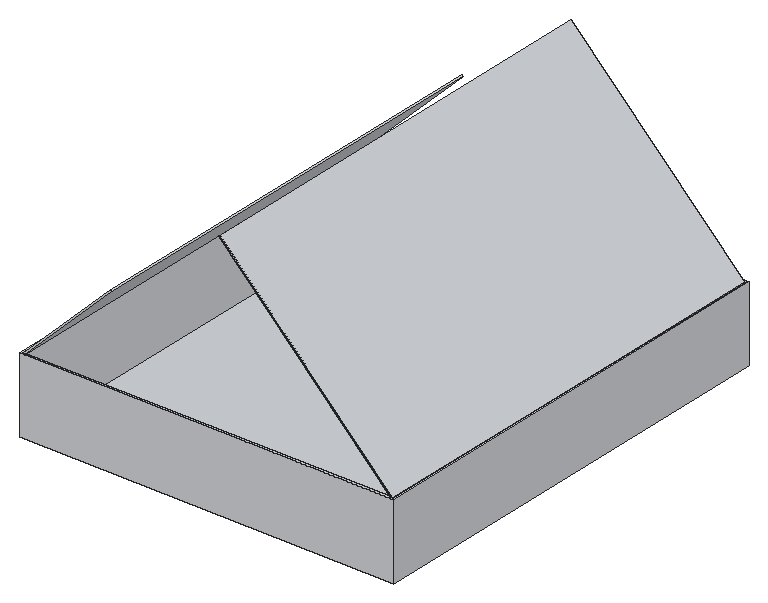
Revit family "Univers-IP44-leer-Aufputz-AT-de", category Electrical Equipment, host Face, Revit 2020
Family settings
  Host = Face
  Panel Configuration = Two Columns, Circuits Across
  Round Connector Dimension = Use Diameter
  Part Type = Panelboard
  Cut with Voids When Loaded = No
  Shared = No
  Room Calculation Point = No
Parameters (values of type "Aufputz IP44 B800 H950 T161 0 Teilungseinheiten - FWB63D")
  Width Control [instance] = if([HG000006 - Unterputz], if([EF000846 - Einbaubreite] > min_whd, [EF000846 - Einbaubreite], min_whd), if([EF000008 - Breite] > min_whd, ([EF000008 - Breite]), min_whd))  # 800 mm
  Void Depth [instance] = if([HG000006 - Unterputz], Depth Control, 1 mm)  # 1 mm
  Type Comments = [HG000003 - Bereich]  # "Univers"
  System Height [instance] = Height Control - 2 * [HG000005 - Dicke]  # 944 mm
  Model = [HG000004 - Herstellerreferenz]  # "FWB63D"
  HG000011 - Leere Reihen von unten = no
  HG000010 - Asymmetrische Türen = yes
  HG000009 - Doppelflügeligen Tür = yes
  HG000008 - Anzahl der leeren Reihen = 0
  HG000007 - Anzahl der leeren Spalten = 0
  HG000006 - Unterputz = no
  HG000005 - Dicke = 3 mm  # constant formula
  HG000004 - Herstellerreferenz = "FWB63D"
  HG000003 - Bereich = "Univers"
  HG000002 - Mit tür = yes
  HG000001 - Anzahl der Spalten = 0
  EF015941 - Signaldurchlassende Tür = no
  EF015777 - Neutralleiterklemmenblock = no
  EF015776 - Erdungsklemmenblock = no
  EF009212 - Ausführung Deckel = "EV000116 - geschlossen"
  EF006306 - Mit Schloss = no
  EF006244 - Transparenter Deckel/Tür = no
  EF005474 - Schutzart (IP) = "EV006418 - IP44"
  EF004462 - Art der Schließung = "EV000154 - sonstige"
  EF002950 - Breite in Teilungseinheiten = 0
  EF001596 - Werkstoff des Gehäuses = "EV000179 - Stahl"
  EF001134 - DIN-Schiene = no
  EF001131 - Innentiefe = 156 mm
  EF001088 - Anbaumöglichkeit = no
  EF001062 - EMV-Ausführung = no
  EF000846 - Einbaubreite = 800 mm
  EF000339 - Art der Abdeckung = "EV004216 - Tür"
  EF000332 - Einbauhöhe = 950 mm
  EF000266 - Anzahl der Reihen = 0
  EF000218 - Einbautiefe = 161 mm
  EF000118 - Mit Montageplatte = no
  EF000116 - RAL-Nummer = "9010"
  EF000049 - Tiefe = 161 mm
  EF000040 - Höhe = 950 mm
  EF000008 - Breite = 800 mm
  EF000007 - Farbe = "EV000202 - weiß"
  EF000003 - Montageart = "EV001247 - Aufputz/Unterputz"
  Arrow Offset [instance] = Depth Control / 8  # 20.125 mm
  Arrow Height [instance] = Depth Control - Arrow Offset  # 140.875 mm
  Host Offset [instance] = if([HG000006 - Unterputz], 0 mm, [EF000049 - Tiefe])  # 161 mm
  min_whd [instance] = (2 * [HG000005 - Dicke]) + 1 mm  # 7 mm
  Manufacturer = "Hager"  # constant formula
  Height Control [instance] = if([HG000006 - Unterputz], if([EF000332 - Einbauhöhe] > min_whd, [EF000332 - Einbauhöhe], min_whd), if([EF000040 - Höhe] > min_whd, ([EF000040 - Höhe]), min_whd))  # 950 mm
  Flush Mounted - Door Frame Width [instance] = if(([EF000040 - Höhe] - [EF000332 - Einbauhöhe]) > 0 mm, if([HG000006 - Unterputz], [EF000040 - Höhe] - [EF000332 - Einbauhöhe], 0 mm), 0 mm)  # 0 mm
  Tür rechts [instance] = yes
  Tür links [instance] = not(Tür rechts)  # no
  Türschwenkwinkel [instance] = 45.00°
  3D-Türsichtbarkeit [instance] = yes
  Depth Control [instance] = if([HG000006 - Unterputz], if([EF000218 - Einbautiefe] > 0 mm, [EF000218 - Einbautiefe], 1 mm), if([EF000049 - Tiefe] > 0 mm, ([EF000049 - Tiefe]), 1 mm))  # 161 mm
  Default Elevation = 0 mm
  Sichtbarkeit der Türöffnung [instance] = no
Types (21, lengths in mm): name | Width Control | System Height | Model | HG000010 - Asymmetrische Türen | HG000009 - Doppelflügeligen Tür | HG000004 - Herstellerreferenz | EF009212 - Ausführung Deckel | EF004462 - Art der Schließung | EF001131 - Innentiefe | EF000846 - Einbaubreite | EF000332 - Einbauhöhe | EF000218 - Einbautiefe | EF000049 - Tiefe | EF000040 - Höhe | EF000008 - Breite | Arrow Offset | Arrow Height | Host Offset | Height Control | Depth Control
  Aufputz IP44 B1050 H1100 T161 0 Teilungseinheiten - FWB74D | 1050 | 1094 | "FWB74D" | no | yes | "FWB74D" | "EV000116 - geschlossen" | "EV000154 - sonstige" | 160 | 1050 | 1100 | 161 | 161 | 1100 | 1050 | 20.125 | 140.875 | 161 | 1100 | 161
  Aufputz IP44 B1050 H500 T161 0 Teilungseinheiten - FWB34D | 1050 | 494 | "FWB34D" | no | yes | "FWB34D" | "EV000116 - geschlossen" | "EV000154 - sonstige" | 156 | 1050 | 500 | 161 | 161 | 500 | 1050 | 20.125 | 140.875 | 161 | 500 | 161
  Aufputz IP44 B1050 H650 T161 0 Teilungseinheiten - FWB44D | 1050 | 644 | "FWB44D" | no | yes | "FWB44D" | "EV000116 - geschlossen" | "EV000154 - sonstige" | 156 | 1050 | 650 | 161 | 161 | 650 | 1050 | 20.125 | 140.875 | 161 | 650 | 161
  Aufputz IP44 B1050 H800 T161 0 Teilungseinheiten - FWB54D | 1050 | 794 | "FWB54D" | no | yes | "FWB54D" | "EV000116 - geschlossen" | "EV000154 - sonstige" | 156 | 1050 | 800 | 161 | 161 | 800 | 1050 | 20.125 | 140.875 | 161 | 800 | 161
  Aufputz IP44 B1050 H950 T161 0 Teilungseinheiten - FWB64D | 1050 | 944 | "FWB64D" | no | yes | "FWB64D" | "EV000116 - geschlossen" | "EV000154 - sonstige" | 156 | 1050 | 950 | 161 | 161 | 950 | 1050 | 20.125 | 140.875 | 161 | 950 | 161
  Aufputz IP44 B300 H1100 T161 0 Teilungseinheiten - FWB71D | 300 | 1094 | "FWB71D" | no | no | "FWB71D" | "EV000116 - geschlossen" | "EV000154 - sonstige" | 160 | 300 | 1100 | 161 | 161 | 1100 | 300 | 20.125 | 140.875 | 161 | 1100 | 161
  Aufputz IP44 B300 H1250 T160 0 Teilungseinheiten - FWB81D | 300 | 1244 | "FWB81D" | no | no | "FWB81D" | "EV000116 - geschlossen" | "0" | 160 | 300 | 1250 | 160 | 160 | 1250 | 300 | 20 | 140 | 160 | 1250 | 160
  Aufputz IP44 B300 H500 T161 0 Teilungseinheiten - FWB31D | 300 | 494 | "FWB31D" | no | no | "FWB31D" | "EV000116 - geschlossen" | "EV000154 - sonstige" | 156 | 300 | 500 | 161 | 161 | 500 | 300 | 20.125 | 140.875 | 161 | 500 | 161
  Aufputz IP44 B300 H650 T161 0 Teilungseinheiten - FWB41D | 300 | 644 | "FWB41D" | no | no | "FWB41D" | "EV000116 - geschlossen" | "EV000154 - sonstige" | 160 | 300 | 650 | 161 | 161 | 650 | 300 | 20.125 | 140.875 | 161 | 650 | 161
  Aufputz IP44 B300 H800 T161 0 Teilungseinheiten - FWB51D | 300 | 794 | "FWB51D" | no | no | "FWB51D" | "EV000116 - geschlossen" | "EV000154 - sonstige" | 160 | 300 | 800 | 161 | 161 | 800 | 300 | 20.125 | 140.875 | 161 | 800 | 161
  Aufputz IP44 B300 H950 T161 0 Teilungseinheiten - FWB61D | 300 | 944 | "FWB61D" | no | no | "FWB61D" | "EV000116 - geschlossen" | "EV000154 - sonstige" | 160 | 300 | 950 | 161 | 161 | 950 | 300 | 20.125 | 140.875 | 161 | 950 | 161
  Aufputz IP44 B550 H1100 T161 0 Teilungseinheiten - FWB72D | 550 | 1094 | "FWB72D" | no | no | "FWB72D" | "EV000116 - geschlossen" | "EV000154 - sonstige" | 160 | 550 | 1100 | 161 | 161 | 1100 | 550 | 20.125 | 140.875 | 161 | 1100 | 161
  Aufputz IP44 B550 H500 T161 0 Teilungseinheiten - FWB32D | 550 | 494 | "FWB32D" | no | no | "FWB32D" | "EV000116 - geschlossen" | "EV000154 - sonstige" | 156 | 550 | 500 | 161 | 161 | 500 | 550 | 20.125 | 140.875 | 161 | 500 | 161
  Aufputz IP44 B550 H650 T161 0 Teilungseinheiten - FWB42D | 550 | 644 | "FWB42D" | no | no | "FWB42D" | "EV000116 - geschlossen" | "EV000154 - sonstige" | 160 | 550 | 650 | 161 | 161 | 650 | 550 | 20.125 | 140.875 | 161 | 650 | 161
  Aufputz IP44 B550 H800 T161 0 Teilungseinheiten - FWB52D | 550 | 794 | "FWB52D" | no | no | "FWB52D" | "EV000116 - geschlossen" | "EV000154 - sonstige" | 160 | 550 | 800 | 161 | 161 | 800 | 550 | 20.125 | 140.875 | 161 | 800 | 161
  Aufputz IP44 B550 H950 T161 0 Teilungseinheiten - FWB62D | 550 | 944 | "FWB62D" | no | no | "FWB62D" | "EV000116 - geschlossen" | "EV000154 - sonstige" | 160 | 550 | 950 | 161 | 161 | 950 | 550 | 20.125 | 140.875 | 161 | 950 | 161
  Aufputz IP44 B800 H1100 T161 0 Teilungseinheiten - FWB73D | 800 | 1094 | "FWB73D" | yes | yes | "FWB73D" | "EV000116 - geschlossen" | "EV000154 - sonstige" | 156 | 800 | 1100 | 161 | 161 | 1100 | 800 | 20.125 | 140.875 | 161 | 1100 | 161
  Aufputz IP44 B800 H500 T161 0 Teilungseinheiten - FWB33D | 800 | 494 | "FWB33D" | yes | yes | "FWB33D" | "EV000116 - geschlossen" | "EV000154 - sonstige" | 160 | 800 | 500 | 161 | 161 | 500 | 800 | 20.125 | 140.875 | 161 | 500 | 161
  Aufputz IP44 B800 H650 T161 0 Teilungseinheiten - FWB43D | 800 | 644 | "FWB43D" | yes | yes | "FWB43D" | "EV009916 - mit Ausschnitt" | "EV000154 - sonstige" | 160 | 800 | 650 | 161 | 161 | 650 | 800 | 20.125 | 140.875 | 161 | 650 | 161
  Aufputz IP44 B800 H800 T161 0 Teilungseinheiten - FWB53D | 800 | 794 | "FWB53D" | yes | yes | "FWB53D" | "EV000116 - geschlossen" | "EV000154 - sonstige" | 160 | 800 | 800 | 161 | 161 | 800 | 800 | 20.125 | 140.875 | 161 | 800 | 161
  Aufputz IP44 B800 H950 T161 0 Teilungseinheiten - FWB63D | 800 | 944 | "FWB63D" | yes | yes | "FWB63D" | "EV000116 - geschlossen" | "EV000154 - sonstige" | 156 | 800 | 950 | 161 | 161 | 950 | 800 | 20.125 | 140.875 | 161 | 950 | 161
Reference planes
  plane 1 "Center (Front/Back)": y = 0
  plane 2: z = 0
  plane 3 "Center (Left/Right)": x = 0
  plane 4: z = 161
  plane 5: y = 3
  plane 6: z = 156
  plane 7: y = 475
  plane 8: y = 0
  plane 9: y = 950
  plane 10: z = 0
  plane 11: x = -400
  plane 12: x = 400
  plane 13: x = 397
  plane 14: x = -397
  plane 15: y = 947
  plane 16: z = 3
  plane 17: z = 158
  plane 18: z = -1
  plane 19: z = 158
Forms (mm)
  Extrusion 1, solid
    sketch origin (-583.045, 0, 1219.2) x (-1, 0, 0) y (0, 0, 1)
      loop
        line (-183.045, -1058.2) -> (-983.045, -1058.2) -> (-983.045, -1219.2) -> (-183.045, -1219.2) -> (-183.045, -1058.2)
    from 0 to 950 <- "Height Control"
  Extrusion 2, void
    sketch origin (-381.607, -4572, 161) x (0, -1, 0) y (-1, 0, 0)
      loop
        line (-5519, 15.393) -> (-5519, -778.607) -> (-4575, -778.607) -> (-4575, 15.393) -> (-5519, 15.393)
    from 0 to 158
  Extrusion 3, void
    sketch origin (0, 0, 0) x (1, 0, 0) y (0, 1, 0)
      loop
        line (-400, 0) -> (400, 0) -> (400, 950) -> (-400, 950) -> (-400, 0)
    from -1 to 1
  Extrusion 4, solid, detail levels coarse
    sketch origin (-381.607, -4572, 161) x (-1, 0, 0) y (0, -1, 0)
      loop
        line (15.393, -5519) -> (15.393, -4575) -> (-778.607, -4575) -> (-778.607, -5519) -> (15.393, -5519)
    from 0 to -3
Cuts and joins
  Extrusion 2 cuts Extrusion 1
Dimensions and locks
  plane 4 to plane 6 = 5 mm
  "Host Offset": plane 4 to host face
  "Flush Mounted - Door Frame Width": plane 1 "Center (Front/Back)" to plane 8
  "HG000005 - Dicke": plane 5 to plane 8
  locked: connector elem to plane 3 "Center (Left/Right)"
  "Height Control": plane 9 to plane 8
  equal spacing: plane 9, plane 7, plane 8
  locked: connector elem to plane 7
  "Depth Control": plane 4 to plane 10
  "HG000005 - Dicke": plane 11 to plane 14
  "HG000005 - Dicke": plane 12 to plane 13
  equal spacing: plane 11, plane 3 "Center (Left/Right)", plane 12
  "Width Control": plane 11 to plane 12
  "Arrow Offset": nested 4 to plane 10
  "HG000005 - Dicke": plane 9 to plane 15
  "HG000005 - Dicke": plane 16 to plane 10
  "HG000005 - Dicke": plane 4 to plane 17
  "Void Depth": plane 2 to plane 18
  "HG000005 - Dicke": plane 4 to plane 19
  aligned and locked: plane 2 to host face
  aligned and locked: level to host face
  aligned and locked: plane 3 "Center (Left/Right)" to nested 2
  aligned and locked: nested 2 to plane 4
  aligned and locked: nested 2 to plane 8
  aligned and locked: nested 1 to plane 6
  aligned and locked: nested 1 to plane 5
  aligned and locked: nested 4 to plane 11
  aligned and locked: nested 3 to plane 4
  aligned and locked: Extrusion 1 sketch curve to plane 12
  aligned and locked: Extrusion 1 sketch curve to plane 11
  aligned and locked: nested 3 to plane 10
  aligned and locked: plane 10 to Extrusion 1 sketch curve
  aligned and locked: Extrusion 2 sketch curve to plane 5
  aligned and locked: Extrusion 2 sketch curve to plane 15
  aligned and locked: Extrusion 2 sketch curve to plane 14
  aligned and locked: Extrusion 2 sketch curve to plane 13
  aligned and locked: plane 11 to Extrusion 3 sketch curve
  aligned and locked: plane 9 to Extrusion 3 sketch curve
  aligned and locked: Extrusion 3 sketch curve to plane 8
  aligned and locked: plane 12 to Extrusion 3 sketch curve
  aligned and locked: nested 3 to plane 12
  aligned and locked: Extrusion 3 to plane 18
  aligned and locked: Extrusion 2 to plane 16
  aligned and locked: Extrusion 1 sketch curve to plane 4
  aligned and locked: Extrusion 4 to plane 17
  aligned and locked: Extrusion 4 sketch curve to plane 15
  aligned and locked: Extrusion 4 sketch curve to plane 13
  aligned and locked: Extrusion 4 sketch curve to plane 14
  aligned and locked: Extrusion 4 sketch curve to plane 5
Automatic sketch dimensions
  host sketch curve to host sketch curve = 1469.727 mm
  host sketch curve to host sketch curve = 1318.837 mm
Nested families
  nested 1: "Hager_Enclosure_System" at (0, 3, 156) x (1, 0, 0) z (0, 1, 0), Depth <- "HG000005 - Dicke", Height <- "System Height", Width <- "EF000008 - Breite", Border <- "HG000005 - Dicke", Flush_Mounted <- "HG000006 - Unterputz", Built-in_Width <- "EF000846 - Einbaubreite", Row_Module_Multiplicator <- "EF002950 - Breite in Teilungseinheiten", Total_No_Empty_Rows <- "HG000008 - Anzahl der leeren Reihen", Total_No_Rows <- "EF000266 - Anzahl der Reihen", Empty_Columns <- "HG000007 - Anzahl der leeren Spalten", No_Rows <- "EF000266 - Anzahl der Reihen", No_Columns <- "HG000001 - Anzahl der Spalten", Width_Control <- "Width Control", Empty_Rows_From_Bottom <- "HG000011 - Leere Reihen von unten", type "Hager_Enclosure_System", detail levels medium+fine
    with Width_Control 800 mm, Width 800 mm, Total_No_Rows 0, Total_No_Empty_Rows 0, Total_No_Columns 1, System_Width 794 mm, Rows_Column 0, Row_Module_Multiplicator 0, Panel_4 no, Panel_3 no, Panel_2 no, Panel_1 no, No_Rows 0, No_Panels_Ctrl 1, No_Columns 0, Hide_Columns yes, Height 944 mm, Flush_Mounted no, Empty_Rows_From_Bottom no, Empty_Rows_Column 0, Empty_Columns 0, Depth 3 mm, Column_Width 794 mm, Built-in_Width 800 mm, Border 3 mm
  nested 2: "Hager_Enclosure_Door" at (0, 0, 161) x (1, 0, 0) z (0, 1, 0), Border <- "HG000005 - Dicke", Door_Right <- "Tür rechts", Flush_Mounted <- "HG000006 - Unterputz", Depth <- "EF000049 - Tiefe", Width <- "EF000008 - Breite", Door_Left <- "Tür links", 3d_Door <- "3D-Türsichtbarkeit", BuiltIn_Width <- "EF000846 - Einbaubreite", BuiltIn_Height <- "EF000332 - Einbauhöhe", BuiltIn_Depth <- "EF000218 - Einbautiefe", Angle <- "Türschwenkwinkel", Assymetrical <- "HG000010 - Asymmetrische Türen", Double <- "HG000009 - Doppelflügeligen Tür", Clearance <- "Sichtbarkeit der Türöffnung", Transparent <- "EF006244 - Transparenter Deckel/Tür", Door <- "HG000002 - Mit tür", Height_Ctrl <- "Height Control", Width_Ctrl <- "Width Control", Height <- "EF000040 - Höhe", type "Hager_Enclosure_Door", detail levels medium+fine
    with min_wh 7 mm, Width_Ctrl 800 mm, Width 800 mm, Transparent no, Leaf_Width 791 mm, Leaf_Tolerance 1.5 mm, Leaf_Height 941 mm, Leaf_2_Width 526.583 mm, Leaf_2_Offset 263.292 mm, Leaf_1_Width 262.917 mm, Leaf_1_Offset 131.458 mm, Height_Ctrl 950 mm, Height 950 mm, Frame_Width_Ctrl 1 mm, Frame_Width 0 mm, Frame_Internal_Offset 0 mm, Frame_Height_Ctrl 1 mm, Frame_Height 0 mm, Frame_Depth_Ctrl 1 mm, Frame_Depth 0 mm, Flush_Mounted no, Double_Clearance_Ctrl no, Double yes, Door_Right_Ctrl yes, Door_Right yes, Door_Left_Ctrl yes, Door_Left no, Door yes, Depth 161 mm, Clearance_Depth 526.583 mm, Clearance_Ctrl no, Clearance no, BuiltIn_Width 800 mm, BuiltIn_Height 950 mm, BuiltIn_Depth 161 mm, Border 3 mm, Assymetrical yes, Angle 45.00°, 3d_Door yes
  nested 3: "Hager_Enclosure_Symbol_Triangle" at (-400, 0, 0) x (1, 0, 0) z (0, -1, 0), Depth <- "Depth Control", Width <- "Width Control", type "Hager_Enclosure_Symbol_Triangle"
    with Width_Ctrl 800 mm, Width 800 mm, Depth_Ctrl 161 mm, Depth 161 mm
  nested 4: "Hager_Enclosure_Symbol_Arrow" at (-400, 0, 20.125) x (1, 0, 0) z (0, -1, 0), Height <- "Arrow Height", type "Hager_Enclosure_Symbol_Arrow"
    with Width_Inside 10.566 mm, Width 126.788 mm, Height_Ctrl 140.875 mm, Height 140.875 mm
Connectors
  electrical at (0, 475, 0)
    settings: on plane 10, index 1, voltage 0 V, apparent load 0 VA, apparent load phase1 0 VA, apparent load phase2 0 VA, apparent load phase3 0 VA, power factor 1, load classification "Other", number of poles 1, system type 30, power factor state 1, is connector primary yes, connector utility no, sub classification motor no, connector description ""
Definition of nested family "Hager_Enclosure_Door"
  Parameters (values of type "Hager_Enclosure_Door")
    min_wh [instance] = (2 * Border) + 1 mm  # 11 mm
    Width_Ctrl [instance] = 400 mm
    Width [instance] = 500 mm
    Transparent [instance] = yes
    Leaf_Width [instance] = if((Width_Ctrl - 2 * Border - 2 * Leaf_Tolerance) > 0 mm, (Width_Ctrl - 2 * Border - 2 * Leaf_Tolerance), min_wh)  # 387 mm
    Leaf_Tolerance [instance] = 1.5 mm  # constant formula
    Leaf_Height [instance] = if((Height_Ctrl - 2 * Border - 2 * Leaf_Tolerance) > 0 mm, (Height_Ctrl - 2 * Border - 2 * Leaf_Tolerance), min_wh)  # 387 mm
    Leaf_2_Width [instance] = if(and(and(Double, Assymetrical), Door_Left), (Leaf_Width / 3) - (Leaf_Tolerance / 2), if(and(and(Double, Assymetrical), Door_Right), (Leaf_Width / 3) * 2 - (Leaf_Tolerance / 2), if(and(Double, not(Assymetrical)), (Leaf_Width / 2) - Leaf_Tolerance, Leaf_Width)))  # 192 mm
    Leaf_2_Offset [instance] = if(and(Double, Assymetrical), Leaf_2_Width / 2, if(and(Double, not(Assymetrical)), Leaf_Width / 4, Leaf_Width / 2))  # 96.75 mm
    Leaf_1_Width [instance] = if(and(and(Double, Assymetrical), Door_Right), (Leaf_Width / 3) - (Leaf_Tolerance / 2), if(and(and(Double, Assymetrical), Door_Left), (Width / 3) * 2 - (Leaf_Tolerance / 2), if(and(Double, not(Assymetrical)), (Leaf_Width / 2) - Leaf_Tolerance, Leaf_Width)))  # 192 mm
    Leaf_1_Offset [instance] = if(and(Double, Assymetrical), Leaf_1_Width / 2, if(and(Double, not(Assymetrical)), Leaf_Width / 4, Leaf_Width / 2))  # 96.75 mm
    Height_Ctrl [instance] = 400 mm
    Height [instance] = 500 mm
    Frame_Width_Ctrl [instance] = if(Frame_Width > 0 mm, Frame_Width, 1 mm)  # 1 mm
    Frame_Width [instance] = Width - BuiltIn_Width  # 0 mm
    Frame_Internal_Offset [instance] = if(Flush_Mounted, Border, 0 mm)  # 0 mm
    Frame_Height_Ctrl [instance] = if(Frame_Height > 0 mm, Frame_Height, 1 mm)  # 1 mm
    Frame_Height [instance] = Height - BuiltIn_Height  # 0 mm
    Frame_Depth_Ctrl [instance] = if(Frame_Depth > 0 mm, Frame_Depth, 1 mm)  # 1 mm
    Frame_Depth [instance] = if(Depth - BuiltIn_Depth > 0 mm, if(Flush_Mounted, Depth - BuiltIn_Depth, 0 mm), 0 mm)  # 0 mm
    Flush_Mounted [instance] = no
    Double_Clearance_Ctrl [instance] = and(Double, Clearance)  # yes
    Double [instance] = yes
    Door_Right_Ctrl [instance] = and(or(Door_Right, Double), Door)  # yes
    Door_Right [instance] = yes
    Door_Left_Ctrl [instance] = and(or(Door_Left, Double), Door)  # yes
    Door_Left [instance] = no
    Door [instance] = yes
    Depth [instance] = 500 mm
    Default Elevation = 1219.2 mm
    Clearance_Material = none
    Clearance_Depth [instance] = if(Leaf_1_Width > Leaf_2_Width, Leaf_1_Width, Leaf_2_Width)  # 192 mm
    Clearance_Ctrl [instance] = and(not(Double), Clearance)  # no
    Clearance [instance] = yes
    BuiltIn_Width [instance] = 500 mm
    BuiltIn_Height [instance] = 500 mm
    BuiltIn_Depth [instance] = 500 mm
    Border [instance] = 5 mm
    Assymetrical [instance] = no
    Angle [instance] = 65.00°
    3d_Door [instance] = yes
  Reference planes
    plane 1 "Center (Front/Back)": y = 0
    plane 2 "Bottom": z = 0
    plane 3 "Center (Left/Right)": x = 0
    plane 4: z = 400
    plane 5: x = -200
    plane 6: x = 200
    plane 7: z = 395
    plane 8: x = -195
    plane 9: z = 5
    plane 10: x = 195
    plane 11: y = 0
    plane 12: z = 6.5
    plane 13: x = -387
    plane 14: y = -192
    plane 15: x = 387
    plane 16: x = -96.75
    plane 17: x = 96.75
    plane 18: x = -193.5
    plane 19: x = 193.5
    plane 20: z = 393.5
  Forms (mm)
    Extrusion 1, solid, visible <- "Flush_Mounted"
      sketch origin (0, 0, 0) x (1, 0, 0) y (0, 0, 1)
        loop
          line (200, 0) -> (200, 400) -> (-200, 400) -> (-200, 0) -> (200, 0)
        loop
          line (-201, 401) -> (-201, -1) -> (201, -1) -> (201, 401) -> (-201, 401)
      from 0 to 1 <- "Frame_Depth_Ctrl"
    Extrusion 2, solid, material <- "Clearance_Material", visible <- "Double_Clearance_Ctrl"
      sketch origin (1200, 0, 0) x (1, 0, 0) y (0, 0, -1)
        loop
          line (-1587, -393.5) -> (-813, -393.5) -> (-813, 0) -> (-1587, 0) -> (-1587, -393.5)
      from 0 to -192
  Dimensions and locks
    equal spacing: plane 5, plane 3 "Center (Left/Right)", plane 6
    "Width_Ctrl": plane 5 to plane 6
    "Border": plane 5 to plane 8
    "Border": plane 6 to plane 10
    "Border": plane 9 to level
    "Border": plane 4 to plane 7
    "Height_Ctrl": plane 4 to level
    "Leaf_Tolerance": plane 12 to plane 9
    "Frame_Depth": plane 11 to plane 1 "Center (Front/Back)"
    "Frame_Width_Ctrl": plane 5 to Extrusion 1 sketch curve
    "Frame_Width_Ctrl": plane 6 to Extrusion 1 sketch curve
    "Frame_Width_Ctrl": Extrusion 1 sketch curve to plane 4
    "Frame_Width_Ctrl": plane 2 "Bottom" to Extrusion 1 sketch curve
    "Leaf_1_Offset": plane 18 to plane 16
    "Leaf_2_Offset": plane 17 to plane 19
    "Leaf_1_Width": plane 13 to plane 8
    "Leaf_2_Width": plane 10 to plane 15
    "Clearance_Depth": plane 14 to plane 1 "Center (Front/Back)"
    "Leaf_Tolerance": plane 8 to plane 18
    "Leaf_Tolerance": plane 19 to plane 10
    "Leaf_Tolerance": plane 7 to plane 20
    "Frame_Internal_Offset": plane 5 to Extrusion 1 sketch curve
    "Frame_Internal_Offset": Extrusion 1 sketch curve to plane 2 "Bottom"
    "Frame_Internal_Offset": plane 6 to Extrusion 1 sketch curve
    "Frame_Internal_Offset": plane 4 to Extrusion 1 sketch curve
    aligned and locked: level to plane 2 "Bottom"
    aligned and locked: nested 1 to plane 16
    aligned and locked: nested 2 to plane 17
    aligned and locked: Extrusion 2 to plane 13
    aligned and locked: plane 15 to Extrusion 2
    aligned and locked: Extrusion 2 to plane 14
    aligned and locked: plane 12 to nested 1
    aligned and locked: nested 2 to plane 12
    aligned and locked: Extrusion 2 to plane 11
    aligned and locked: plane 20 to Extrusion 2
    aligned and locked: nested 2 to plane 11
    aligned and locked: nested 1 to plane 11
  Automatic sketch dimensions
    Extrusion 2 sketch curve to level = 0 mm
    plane 5 to Extrusion 2 sketch curve = 187 mm
    plane 6 to Extrusion 2 sketch curve = 187 mm
    Extrusion 2 sketch curve to plane 4 = 6.5 mm
  Nested families
    nested 1: "Hager_Enclosure_Door_Leaf" at (-96.75, 0, 6.5), Width <- "Leaf_1_Width", visible <- "Door_Left_Ctrl", Leaf_Height <- "Leaf_Height", Angle <- "Angle", Depth <- "Border", 3d_Door <- "3d_Door", Transparent <- "Transparent", Clearance Material <- "Clearance_Material", Clearance <- "Clearance_Ctrl", type "Hager_Enclosure_Door_Leaf"
      with Width 192 mm, Transparent_Door_Border 25 mm, Transparent_Ctrl yes, Transparent yes, Standard no, Leaf_Height 387 mm, Glass_Offset 1 mm, Depth 5 mm, Clearance Material none, Clearance no, Angle_Ctrl 65.00°, Angle 65.00°, 3d_Door yes
    nested 2: "Hager_Enclosure_Door_Leaf" at (96.75, 0, 6.5) x (-1, 0, 0) z (0, 0, 1), Width <- "Leaf_2_Width", visible <- "Door_Right_Ctrl", Leaf_Height <- "Leaf_Height", Angle <- "Angle", Depth <- "Border", 3d_Door <- "3d_Door", Transparent <- "Transparent", Clearance Material <- "Clearance_Material", Clearance <- "Clearance_Ctrl", type "Hager_Enclosure_Door_Leaf"
      with Width 192 mm, Transparent_Door_Border 25 mm, Transparent_Ctrl yes, Transparent yes, Standard no, Leaf_Height 387 mm, Glass_Offset 1 mm, Depth 5 mm, Clearance Material none, Clearance no, Angle_Ctrl 65.00°, Angle 65.00°, 3d_Door yes
  Definition of nested family "Hager_Enclosure_Door_Leaf"
    Parameters (values of type "Hager_Enclosure_Door_Leaf")
      Width [instance] = 200 mm
      Transparent_Door_Border [instance] = 25 mm  # constant formula
      Transparent_Ctrl [instance] = and(Transparent, [3d_Door])  # yes
      Transparent [instance] = yes
      Standard [instance] = and(not(Transparent), [3d_Door])  # no
      Leaf_Height [instance] = 500 mm
      Glass_Offset [instance] = if((Depth - 10 mm) / 2 > 0 mm, (Depth - 10 mm) / 2, 1 mm)  # 1 mm
      Glass_Material = none
      Depth [instance] = 3 mm
      Default Elevation = 0 mm
      Clearance Material [instance] = none
      Clearance [instance] = no
      Angle_Ctrl [instance] = if(Angle > 170.00°, 170.00°, Angle)  # 163.00°
      Angle [instance] = 163.00°
      3d_Door [instance] = yes
    Reference planes
      plane 1 "Center (Front/Back)": y = 0
      plane 2: z = 0
      plane 3 "Center (Left/Right)": x = 0
      plane 4: y = 200
      plane 5: x = -100
      plane 6: x = 100
      plane 7: x = -300
      plane 8: z = 500
      plane 9: z = 25
      plane 10: z = 475
      plane 11: x = 75
      plane 12: x = -75
    Forms (mm)
      Extrusion 1, solid, material <- "Clearance Material", visible <- "Clearance"
        sketch origin (0, 0, 0) x (1, 0, 0) y (0, 0, 1)
          loop
            line (-300, 500) -> (-300, 0) -> (100, 0) -> (100, 500) -> (-300, 500)
        from 0 to -200
      Extrusion 2, solid, visible <- "Standard", detail levels fine
        sketch origin (-100, 0, 0) x (-0.956305, 0.292372, 0) y (-0.292372, -0.956305, 0)
          loop
            line (0, -3) -> (200, -3) -> (200, 0) -> (0, 0) -> (0, -3)
        from 0 to 500 <- "Leaf_Height"
      Extrusion 3, solid, visible <- "Transparent_Ctrl", detail levels fine
        sketch origin (-100, 0, 0) x (-0.956305, 0.292372, 0) y (-0.292372, -0.956305, 0)
          loop
            line (0, -3) -> (200, -3) -> (200, 0) -> (0, 0) -> (0, -3)
        from 0 to 500 <- "Leaf_Height"
      Extrusion 4, void, detail levels fine
        sketch origin (-100, 0, 0) x (-0.292372, -0.956305, 0) y (-0.956305, 0.292372, 0)
          loop
            line (0, 25) -> (0, 175) -> (-3, 175) -> (-3, 25) -> (0, 25)
        from -475 to -25
      Extrusion 5, solid, material <- "Glass_Material", visible <- "Transparent_Ctrl", detail levels fine
        sketch origin (-100, 0, 0) x (-0.956305, 0.292372, 0) y (-0.292372, -0.956305, 0)
          loop
            line (25, -1) -> (25, -2) -> (175, -2) -> (175, -1) -> (25, -1)
        from 25 to 475
    Cuts and joins
      Extrusion 4 cuts Extrusion 3
    Lines and regions (mm)
      symbolic lines
        curve 1: line (100, 0, 0) -> (-300, 0, 0)
        curve 2: arc (100, 0, 0) -> (-100, 200, 0) -> (-300, 0, 0) r 200
        curve 4: line (-100, 0, 0) -> (-291.261, 58.474, 0)
      reference lines
        curve 3: line (-100, 0, 0) -> (-291.261, 58.474, 0)
      symbolic lines, detail levels medium+fine
        curve 5: line (-291.261, 58.474, 0) -> (-290.384, 61.343, 0)
        curve 6: line (-290.384, 61.343, 0) -> (-99.123, 2.869, 0)
        curve 7: line (-99.123, 2.869, 0) -> (-100, 0, 0)
      symbolic lines, detail levels fine
        curve 8: line (-100, 0, 500) -> (100, 0, 500)
        curve 9: line (-100, 0, 0) -> (-100, 0, 500)
        curve 10: line (100, 0, 0) -> (-100, 0, 0)
        curve 11: line (100, 0, 500) -> (100, 0, 0)
      symbolic lines, visible <- "Transparent_Ctrl", detail levels fine
        curve 12: line (-75, 0, 475) -> (75, 0, 475)
        curve 13: line (-75, 0, 25) -> (-75, 0, 475)
        curve 14: line (75, 0, 25) -> (-75, 0, 25)
        curve 15: line (75, 0, 475) -> (75, 0, 25)
    Dimensions and locks
      "Width": plane 1 "Center (Front/Back)" to plane 4
      equal spacing: plane 5, plane 3 "Center (Left/Right)", plane 6
      "Width": plane 5 to plane 6
      "Width": plane 7 to plane 5
      "Leaf_Height": plane 8 to level
      "Depth": curve 6 to curve 3
      "Width": curve 5 to curve 3
      "Width": curve 3 to curve 3
      "Transparent_Door_Border": Extrusion 4 sketch curve to curve 7
      "Transparent_Door_Border": Extrusion 4 sketch curve to curve 5
      "Transparent_Door_Border": plane 8 to plane 10
      "Transparent_Door_Border": plane 9 to level
      "Glass_Offset": Extrusion 5 sketch curve to curve 4
      "Glass_Offset": Extrusion 5 sketch curve to curve 6
      "Transparent_Door_Border": Extrusion 5 sketch curve to curve 5
      "Transparent_Door_Border": Extrusion 5 sketch curve to curve 7
      "Transparent_Door_Border": plane 12 to plane 5
      "Transparent_Door_Border": plane 6 to plane 11
      "Angle_Ctrl": angle plane 1 "Center (Front/Back)" to curve 3
      aligned and locked: level to plane 2
      aligned and locked: Extrusion 1 to curve 1
      aligned and locked: plane 6 to Extrusion 1
      aligned and locked: plane 1 "Center (Front/Back)" to Extrusion 1
      aligned and locked: plane 4 to Extrusion 1
      aligned and locked: plane 8 to Extrusion 1
      aligned and locked: curve 4 to curve 3
      aligned and locked: Extrusion 2 sketch curve to curve 7
      aligned and locked: Extrusion 2 sketch curve to curve 6
      aligned and locked: Extrusion 2 sketch curve to curve 5
      aligned and locked: Extrusion 2 sketch curve to curve 3
      aligned and locked: curve 7 to Extrusion 3 sketch curve
      aligned and locked: Extrusion 3 sketch curve to curve 4
      aligned and locked: Extrusion 3 sketch curve to curve 6
      aligned and locked: Extrusion 3 sketch curve to curve 5
      aligned and locked: curve 4 to Extrusion 4 sketch curve
      aligned and locked: curve 6 to Extrusion 4 sketch curve
      aligned and locked: Extrusion 4 to plane 9
      aligned and locked: Extrusion 4 to plane 10
      aligned and locked: Extrusion 5 to plane 9
      aligned and locked: Extrusion 5 to plane 10
      aligned and locked: curve 8 to plane 8
      aligned and locked: plane 5 to curve 9
      aligned and locked: plane 2 to curve 10
      aligned and locked: curve 11 to plane 6
      aligned and locked: plane 10 to curve 12
      aligned and locked: plane 12 to curve 13
      aligned and locked: plane 9 to curve 14
      aligned and locked: plane 11 to curve 15
    Automatic sketch dimensions
      plane 1 "Center (Front/Back)" to curve 2 = 0 mm
      curve 2 to plane 5 = 0 mm
      Extrusion 1 sketch curve to level = 0 mm
      Extrusion 1 sketch curve to plane 7 = 0 mm
      Extrusion 1 sketch curve to plane 6 = 0 mm
      Extrusion 1 sketch curve to plane 8 = 0 mm
      plane 1 "Center (Front/Back)" to curve 3 = 0 mm
      curve 3 to plane 5 = 0 mm
      curve 7 to curve 3 = 0 mm
Definition of nested family "Hager_Enclosure_Symbol_Triangle"
  Parameters (values of type "Hager_Enclosure_Symbol_Triangle")
    Width_Ctrl [instance] = if(Width > 1 mm, Width, 1 mm)  # 498 mm
    Width [instance] = 498 mm
    Depth_Ctrl [instance] = if(Depth > 1 mm, Depth, 1 mm)  # 72 mm
    Depth [instance] = 72 mm
  Reference planes
    plane 1 "Centre (avant/arrière)": y = 0
    plane 2: z = 0
    plane 3 "Centre (gauche/droite)": x = 0
  Lines and regions (mm)
    Filled region 1, type "Solid_Black", in view "Niveau de réf."
      outline origin (0, 0, 0) x (1, 0, 0) y (0, 1, 0)
        loop
          line (0, 0) -> (498, 0) -> (498, 72) -> (0, 0)
    reference lines, in view "Niveau de réf."
      curve 1: line (-206.153, 72, 0) -> (1083.258, 72, 0)
      curve 2: line (498, 405.456, 0) -> (498, -517.619, 0)
  Dimensions and locks
    "Depth_Ctrl": plane 1 "Centre (avant/arrière)" to curve 1
    "Width_Ctrl": plane 3 "Centre (gauche/droite)" to curve 2
    aligned and locked: curve 1 to Filled region 1 sketch curve
    aligned and locked: Filled region 1 sketch curve to plane 1 "Centre (avant/arrière)"
    aligned and locked: curve 2 to Filled region 1 sketch curve
    aligned and locked: plane 3 "Centre (gauche/droite)" to Filled region 1 sketch curve
    aligned and locked: plane 1 "Centre (avant/arrière)" to Filled region 1 sketch curve
  Automatic sketch dimensions
    curve 1 to plane 3 "Centre (gauche/droite)" = 206.153 mm
    curve 2 to curve 1 = 585.258 mm
    plane 1 "Centre (avant/arrière)" to curve 2 = 517.619 mm
    curve 2 to plane 1 "Centre (avant/arrière)" = 405.456 mm
Definition of nested family "Hager_Enclosure_Symbol_Arrow"
  Parameters (values of type "Hager_Enclosure_Symbol_Arrow")
    Width_Inside [instance] = if(Width / 12 > 2 mm, Width / 12, 2 mm)  # 4.987 mm
    Width [instance] = if(Height_Ctrl * 0.9 > 2 mm, Height_Ctrl * 0.9, 2 mm)  # 59.85 mm
    Height_Ctrl [instance] = if(Height > 2 mm, Height, 2 mm)  # 66.5 mm
    Height [instance] = 66.5 mm
  Reference planes
    plane 1 "Centre (avant/arrière)": y = 0
    plane 2: z = 0
    plane 3 "Centre (gauche/droite)": x = 0
    plane 4: x = 59.85
    plane 5: y = 28.263
    plane 6: y = 38.238
    plane 7: y = 66.5
    plane 8: x = 29.925
    plane 9: y = 33.25
  Lines and regions (mm)
    Filled region 1, type "Solid_Black", in view "Niveau de réf."
      outline origin (0, 0, 0) x (1, 0, 0) y (0, 1, 0)
        loop
          line (59.85, 66.5) -> (37.929, 52.827) -> (51.846, 41.935) -> (59.85, 66.5)
    detail lines, in view "Niveau de réf."
      curve 1: line (0, 0, 0) -> (29.925, 38.238, 0)
      curve 2: line (29.925, 38.238, 0) -> (29.925, 28.263, 0)
      curve 3: line (29.925, 28.263, 0) -> (59.85, 66.5, 0)
  Dimensions and locks
    "Width": plane 3 "Centre (gauche/droite)" to plane 4
    "Height_Ctrl": plane 7 to plane 1 "Centre (avant/arrière)"
    equal spacing: plane 3 "Centre (gauche/droite)", plane 8, plane 4
    equal spacing: plane 7, plane 9, plane 1 "Centre (avant/arrière)"
    equal spacing: plane 6, plane 9, plane 5
    "Width_Inside": plane 6 to plane 9
    equal spacing: curve 3, Filled region 1 sketch curve, Filled region 1 sketch curve
    angle Filled region 1 sketch curve to curve 3 = 20.00°
    angle curve 3 to Filled region 1 sketch curve = 20.00°
    locked: curve 3 to Filled region 1 sketch curve (angle 90.00°)
  Automatic sketch dimensions
    plane 1 "Centre (avant/arrière)" to curve 1 = 0 mm
    curve 1 to plane 3 "Centre (gauche/droite)" = 0 mm
    curve 2 to plane 6 = 0 mm
    curve 3 to plane 8 = 0 mm
    curve 3 to plane 4 = 0 mm
    curve 2 to plane 5 = 0 mm
    curve 3 to plane 7 = 0 mm
    Filled region 1 sketch curve to plane 4 = 0 mm
    Filled region 1 sketch curve to plane 7 = 0 mm
